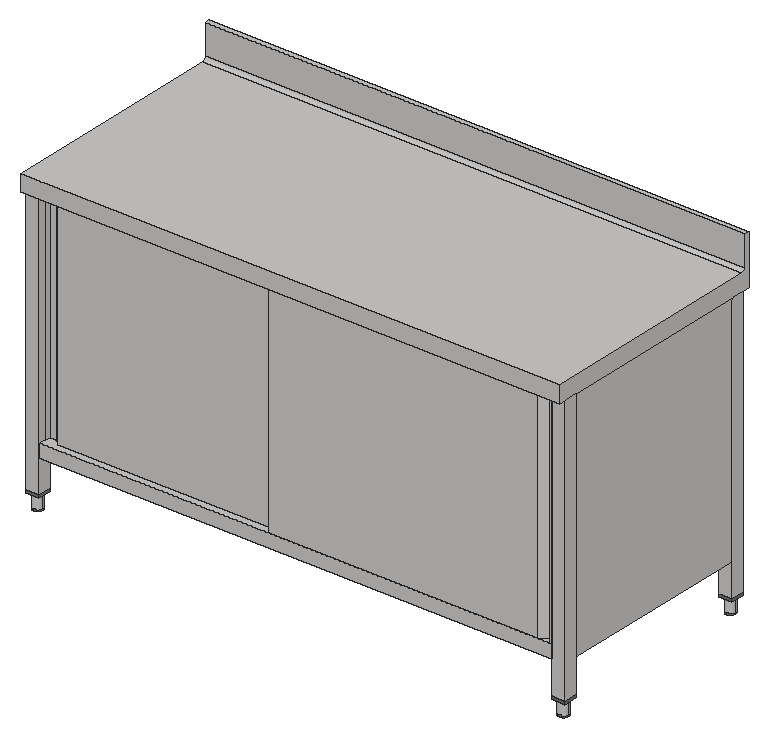
Revit family "QF_ELECTROLUXPROFESSIONAL_134036_GTN1610E", category Attrezzature speciali, Revit 2020
Family settings
  Quota connettore circolare = Usa diametro
  Tipo di parte = Normale
  Basato su piano di lavoro = No
  Sempre verticale = Sì
  Taglio con vuoti quando caricato = No
  Condiviso = No
  Punto di calcolo locali = No
Parameters (values of type "Standard")
  Weight = 85.00 kg
  Watts = 0 W
  Volts = 0 V
  URL Manufacturer = "https://www.electroluxprofessional.com/"
  URL = "https://www.electroluxprofessional.com/"
  Steam Supply Size = 0 mm
  Steam Supply Minimum Pressure = 0.0 Pa
  Steam Supply Maximum Pressure = 0.0 Pa
  Steam Consumption per Hour = 0
  Refrigeration Suction Line Size = 0.0 mm
  Refrigeration Liquid Line Size = 0.0 mm
  Refrigerant Compressor Remote = yes
  Prospetto di default = 0.0 mm
  Produttore = "Electrolux Professional"
  Phase = 0
  Modello = "GTN1610E"
  Length Actual = 1600.0 mm  # constant formula
  Item Number = "134036"
  Hot Water Size = 0 mm
  Height Actual = 1000.0 mm  # constant formula
  HP = "0 HP"
  Gas Size = 0 mm
  Gas KW = 0
  Gas Input Pressure = 0 W
  Direct Waste Size = 0 mm
  Descrizione = "WORKTOP CUPBOARD WITH UPSTAND 1600MM"
  Depth Actual = 700.0 mm  # constant formula
  Cycle = 0 Hz
  Condensate Return Size = 0 mm
  Compressed Air Volume = 0.0 L/s
  Compressed Air Size = 0 mm
  Compressed Air Pressure = 0.0 Pa
  Cold Water Size = 0 mm
  Accessory = yes
Reference planes
  plane 1 "Center (Front/Back)": y = 0
  plane 2: z = 0
  plane 3 "Center (Left/Right)": x = -300
  plane 4 "LEFT": x = -1100
  plane 5 "RIGHT": x = 500
  plane 6 "BACK": y = 350
  plane 7 "FRONT": y = -350
  plane 8 "Base": z = 850
  plane 9 "TOP": z = 900
  plane 10: x = -1080
  plane 11: x = 480
  plane 12: y = 310
  plane 13: y = -310
  plane 14 "BodyLeft": x = -1100
  plane 15 "BodyFront": y = -330
  plane 16 "BodyRight": x = 500
  plane 17 "BodyBack": y = 330
  plane 18 "FEET": z = 150
  plane 19: x = -220
  plane 20: x = -380
Forms (mm)
  Extrusion 1, solid, material "QF_Finishes_Stainless Steel"
    sketch origin (-300, 0, 0) x (0, 1, 0) y (0, 0, 1)
      loop
        line (-350, 850) -> (350, 850) -> (350, 1000) -> (337, 1000) -> (337, 910)
        arc (337, 910) -> (334.071, 902.929) -> (327, 900) r 10
        line (327, 900) -> (-350, 900) -> (-350, 850)
    from 800 to -800
  Extrusion 2, solid, material "QF_Finishes_Stainless Steel"
    sketch origin (0, 0, 150) x (-1, 0, 0) y (0, -1, 0)
      loop
        line (1100, -290) -> (1100, 290) -> (1060, 290) -> (1060, -290) -> (1100, -290)
      loop
        line (-460, -290) -> (-460, 290) -> (-500, 290) -> (-500, -290) -> (-460, -290)
    from 0 to 700
  Extrusion 3, solid, material "QF_Finishes_Stainless Steel"
    sketch origin (0, 0, 150) x (-1, 0, 0) y (0, -1, 0)
      loop
        line (1060, -290) -> (1060, 330) -> (-460, 330) -> (-460, -290) -> (1060, -290)
    from 0 to 40
  Extrusion 4, solid, material "QF_Finishes_Stainless Steel"
    sketch origin (0, 0, 150) x (-1, 0, 0) y (0, -1, 0)
      loop
        line (1060, -290) -> (-460, -290) -> (-460, -330) -> (1060, -330) -> (1060, -290)
    from 0 to 700
  Extrusion 5, solid, material "QF_Finishes_Stainless Steel"
    sketch origin (0, 0, 150) x (-1, 0, 0) y (0, -1, 0)
      loop
        line (-460, 330) -> (-460, 310) -> (380, 310) -> (380, 330) -> (-420, 330) -> (-440, 315) -> (-455, 315) -> (-455, 330) -> (-460, 330)
    from 40 to 700
  Extrusion 6, solid, material "QF_Finishes_Stainless Steel"
    sketch origin (0, 20, 150) x (1, 0, 0) y (0, 1, 0)
      loop
        line (-1060, -330) -> (-1055, -330) -> (-1055, -315) -> (-1040, -315) -> (-1020, -330) -> (-220, -330) -> (-220, -310) -> (-1060, -310) -> (-1060, -330)
    from 40 to 700
  Extrusion 7, solid, material "QF_Finishes_Stainless Steel"
    sketch origin (0, 0, 150) x (-1, 0, 0) y (0, -1, 0)
      loop
        line (1060, 290) -> (-460, 290) -> (-460, -290) -> (1060, -290) -> (1060, 290)
    from 350 to 390
Lines and regions (mm)
  symbolic lines
    curve 1: line (500, 350, 900) -> (-1100, 350, 900)
    curve 2: line (-1100, 350, 900) -> (-1100, -350, 900)
    curve 3: line (-1100, -350, 900) -> (500, -350, 900)
    curve 4: line (500, -350, 900) -> (500, 350, 900)
    curve 5: line (-1100, 337, 900) -> (500, 337, 900)
  symbolic lines, style "SpecialityEquipmentHiddenLines"
    curve 6: line (-1100, 330, 150) -> (500, 330, 150)
    curve 7: line (-1100, -330, 150) -> (-1100, 330, 150)
    curve 8: line (500, -330, 150) -> (-1100, -330, 150)
    curve 9: line (500, 330, 150) -> (500, -330, 150)
    curve 10: line (-1060, -290, 150) -> (-220, -290, 150)
    curve 11: line (-220, -290, 150) -> (-220, -310, 150)
    curve 12: line (-1060, -310, 150) -> (460, -310, 150)
    curve 13: line (460, -310, 150) -> (460, -330, 150)
    curve 14: line (-380, -310, 150) -> (-380, -330, 150)
    curve 15: line (-1060, -290, 150) -> (-1060, -310, 150)
Dimensions and locks
  plane 4 "LEFT" to plane 5 "RIGHT" = 1600.0 mm
  equal spacing: plane 4 "LEFT", plane 3 "Center (Left/Right)", plane 5 "RIGHT"
  locked: plane 8 "Base" to level at 850
  plane 9 "TOP" to level = 900.0 mm
  plane 6 "BACK" to plane 7 "FRONT" = 700.0 mm
  equal spacing: plane 6 "BACK", plane 1 "Center (Front/Back)", plane 7 "FRONT"
  locked: plane 4 "LEFT" to plane 14 "BodyLeft"
  locked: plane 16 "BodyRight" to plane 5 "RIGHT"
  locked: plane 15 "BodyFront" to plane 7 "FRONT" at 20
  locked: plane 6 "BACK" to plane 17 "BodyBack" at 20
  locked: plane 14 "BodyLeft" to plane 10 at 20
  locked: plane 11 to plane 16 "BodyRight" at 20
  locked: plane 13 to plane 15 "BodyFront" at 20
  locked: plane 17 "BodyBack" to plane 12 at 20
  plane 10 to plane 11 = 1560.0 mm
  plane 12 to plane 13 = 620.0 mm
  locked: plane 14 "BodyLeft" to Extrusion 2 sketch curve at 40
  Extrusion 2 sketch curve to Extrusion 2 sketch curve = 40.0 mm
  locked: plane 3 "Center (Left/Right)" to plane 19 at 80
  locked: plane 20 to plane 3 "Center (Left/Right)" at 80
  locked: plane 18 "FEET" to plane 2 at 150
  Extrusion 1 to level = 1000.0 mm
  aligned and locked: level to plane 2
  aligned and locked: plane 10 to nested 1
  aligned and locked: nested 1 to plane 13
  aligned and locked: plane 11 to nested 2
  aligned and locked: nested 2 to plane 13
  aligned and locked: plane 11 to nested 4
  aligned and locked: nested 4 to plane 12
  aligned and locked: plane 10 to nested 3
  aligned and locked: nested 3 to plane 12
  aligned and locked: Extrusion 1 to plane 4 "LEFT"
  aligned and locked: plane 5 "RIGHT" to Extrusion 1
  aligned and locked: curve 2 to plane 4 "LEFT"
  aligned and locked: Extrusion 2 sketch curve to plane 14 "BodyLeft"
  aligned and locked: plane 16 "BodyRight" to Extrusion 2 sketch curve
  aligned and locked: plane 8 "Base" to Extrusion 2
  aligned and locked: plane 8 "Base" to Extrusion 5
  aligned and locked: Extrusion 5 to Extrusion 3
  aligned and locked: Extrusion 6 sketch curve to plane 19
  aligned and locked: Extrusion 5 sketch curve to plane 20
  aligned and locked: Extrusion 1 to plane 8 "Base"
  aligned and locked: plane 9 "TOP" to Extrusion 1
  aligned and locked: curve 6 to plane 17 "BodyBack"
  aligned and locked: plane 14 "BodyLeft" to curve 7
  aligned and locked: plane 15 "BodyFront" to curve 8
  aligned and locked: plane 16 "BodyRight" to curve 9
  aligned and locked: Extrusion 3 sketch curve to Extrusion 2  (x2)
  aligned and locked: Extrusion 2 to Extrusion 4 sketch curve  (x2)
  aligned and locked: curve 8 to Extrusion 3 sketch curve
  aligned and locked: Extrusion 3 sketch curve to Extrusion 4
  aligned and locked: Extrusion 4 to plane 18 "FEET"
Automatic sketch dimensions
  Extrusion 5 sketch curve to plane 15 "BodyFront" = 0.0 mm  (x2)
  Extrusion 5 sketch curve to plane 11 = 20.0 mm
  Extrusion 5 sketch curve to Extrusion 5 sketch curve = 5.0 mm
  Extrusion 5 sketch curve to Extrusion 5 sketch curve = 15.0 mm
  Extrusion 5 sketch curve to Extrusion 5 sketch curve = 20.0 mm
  plane 15 "BodyFront" to Extrusion 5 sketch curve = 15.0 mm
  plane 15 "BodyFront" to Extrusion 5 sketch curve = 20.0 mm
  Extrusion 6 sketch curve to plane 15 "BodyFront" = 20.0 mm  (x2)
  Extrusion 6 sketch curve to plane 10 = 20.0 mm
  Extrusion 6 sketch curve to Extrusion 6 sketch curve = 5.0 mm
  Extrusion 6 sketch curve to Extrusion 6 sketch curve = 15.0 mm
  Extrusion 6 sketch curve to Extrusion 6 sketch curve = 20.0 mm  (x2)
  Extrusion 6 sketch curve to plane 15 "BodyFront" = 35.0 mm
  curve 11 to plane 19 = 0.0 mm
  curve 14 to plane 20 = 0.0 mm
  curve 12 to plane 11 = 20.0 mm
  plane 15 "BodyFront" to curve 10 = 40.0 mm
  curve 13 to curve 13 = 20.0 mm
  plane 10 to curve 15 = 20.0 mm
  Extrusion 4 sketch curve to plane 12 = 20.0 mm
  plane 13 to Extrusion 2 sketch curve = 20.0 mm  (x2)
  Extrusion 2 sketch curve to plane 12 = 20.0 mm  (x2)
  Extrusion 4 sketch curve to plane 17 "BodyBack" = 0.0 mm
  Extrusion 7 sketch curve to plane 11 = 20.0 mm
  plane 10 to Extrusion 7 sketch curve = 20.0 mm
  Extrusion 7 sketch curve to plane 12 = 20.0 mm
  plane 13 to Extrusion 7 sketch curve = 20.0 mm
  curve 3 to plane 7 "FRONT" = 0.0 mm
  curve 5 to plane 5 "RIGHT" = 0.0 mm
  curve 4 to plane 6 "BACK" = 0.0 mm
  plane 17 "BodyBack" to curve 5 = 7.0 mm
  Extrusion 1 sketch curve to plane 7 "FRONT" = 0.0 mm
  Extrusion 1 sketch curve to plane 9 "TOP" = 0.0 mm
  Extrusion 1 sketch curve to plane 6 "BACK" = 0.0 mm
  Extrusion 1 sketch curve to plane 8 "Base" = 0.0 mm
  Extrusion 1 sketch curve to plane 17 "BodyBack" = 3.0 mm
  plane 17 "BodyBack" to Extrusion 1 sketch curve = 7.0 mm
  Extrusion 1 sketch curve to Extrusion 1 sketch curve = 90.0 mm
Nested families
  nested 1: "FEET_40x40_APP50" at (-1080, -310, 0), type "FEET_40x40_APP50"
  nested 2: "FEET_40x40_APP50" at (480, -310, 0), type "FEET_40x40_APP50"
  nested 3: "FEET_40x40_APP50" at (-1080, 310, 0), type "FEET_40x40_APP50"
  nested 4: "FEET_40x40_APP50" at (480, 310, 0), type "FEET_40x40_APP50"
Definition of nested family "FEET_40x40_APP50"
  Parameters
    Default Elevation = 0.0 mm
    FEET = 850.0 mm
  Reference planes
    plane 1 "Center (Front/Back)": y = 0
    plane 2: z = 0
    plane 3 "Center (Left/Right)": x = 0
    plane 4: z = 850
  Forms (mm)
    Extrusion 1, solid
      sketch origin (0, 0, 0) x (1, 0, 0) y (0, 1, 0)
        loop
          line (-20, -20) -> (20, -20) -> (20, 20) -> (-20, 20) -> (-20, -20)
      from 50 to 850
    Extrusion 2, solid
      sketch origin (0, 0, 0) x (1, 0, 0) y (0, 1, 0)
        loop
          circle (0, 0) r 15
      from 0 to 5
    Extrusion 3, solid
      sketch origin (0, 0, 0) x (1, 0, 0) y (0, 1, 0)
        loop
          line (-20, -20) -> (20, -20) -> (20, 20) -> (-20, 20) -> (-20, -20)
      from 50 to 42
    Extrusion 4, solid
      sketch origin (0, 0, 0) x (1, 0, 0) y (0, 1, 0)
        loop
          circle (0, 0) r 15
      from 5 to 42
  Lines and regions (mm)
    symbolic lines
      curve 1: line (0, -1.503, 0) -> (0, 1.508, 0)
      curve 2: line (1.561, 0, 0) -> (-1.439, 0, 0)
  Dimensions and locks
    "FEET": plane 4 to plane 2
    aligned and locked: level to plane 2
  Automatic sketch dimensions
    plane 1 "Center (Front/Back)" to curve 2 = 0.0 mm
    curve 1 to plane 3 "Center (Left/Right)" = 0.0 mm
    curve 2 to plane 3 "Center (Left/Right)" = 1.439 mm
    plane 3 "Center (Left/Right)" to curve 2 = 1.561 mm
    plane 1 "Center (Front/Back)" to curve 1 = 1.503 mm
    curve 1 to plane 1 "Center (Front/Back)" = 1.508 mm
    Extrusion 1 sketch curve to plane 3 "Center (Left/Right)" = 20.0 mm
    plane 3 "Center (Left/Right)" to Extrusion 1 sketch curve = 20.0 mm
    plane 1 "Center (Front/Back)" to Extrusion 1 sketch curve = 20.0 mm
    Extrusion 1 sketch curve to plane 1 "Center (Front/Back)" = 20.0 mm
    plane 1 "Center (Front/Back)" to Extrusion 2 sketch curve = 0.0 mm
    Extrusion 2 sketch curve to plane 3 "Center (Left/Right)" = 0.0 mm
    Extrusion 3 sketch curve to plane 3 "Center (Left/Right)" = 20.0 mm
    plane 3 "Center (Left/Right)" to Extrusion 3 sketch curve = 20.0 mm
    plane 1 "Center (Front/Back)" to Extrusion 3 sketch curve = 20.0 mm
    Extrusion 3 sketch curve to plane 1 "Center (Front/Back)" = 20.0 mm
    plane 1 "Center (Front/Back)" to Extrusion 4 sketch curve = 0.0 mm
    Extrusion 4 sketch curve to plane 3 "Center (Left/Right)" = 0.0 mm
    radius of Extrusion 2 sketch curve = 15.0 mm
    radius of Extrusion 4 sketch curve = 15.0 mm
